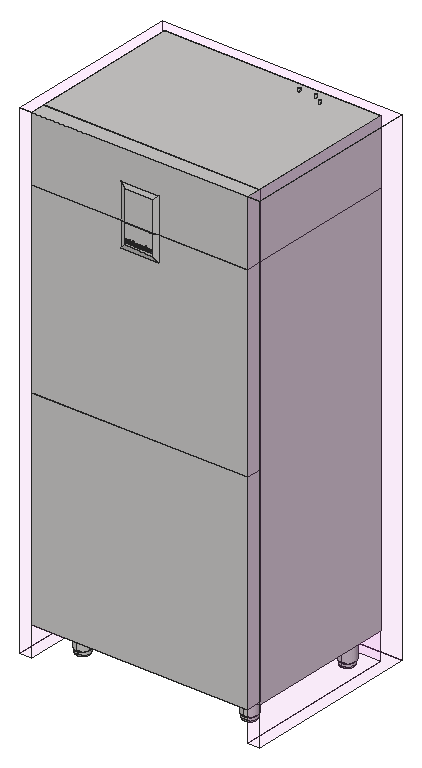
Revit family "QF_ELECTROLUXPROFESSIONAL_691376_PS06RR2FR", category Specialty Equipment, Revit 2018
Family settings
  Round Connector Dimension = Use Diameter
  Part Type = Normal
  Work Plane-Based = No
  Always vertical = Yes
  Cut with Voids When Loaded = No
  Shared = No
  Room Calculation Point = No
Parameters (values of type "Standard")
  Weight = 26.3355 lbm
  Watts = 0 W
  Volts = 220 V
  URL Manufacturer = "http://professional.electrolux.com"
  URL = "http://professional.electrolux.com"
  Steam Supply Size = 0"
  Steam Supply Minimum Pressure = 0.00 psi
  Steam Supply Maximum Pressure = 0.00 psi
  Steam Pounds per Hour = 0
  Show Clearance [instance] = yes
  Refrigeration Suction Line Size = 0.03117"
  Refrigeration Liquid Line Size = 0.01969"
  Refrigerant Compressor Remote = yes
  Phase = 1
  Model = "PS06RR2FR"
  Manufacturer = "Electrolux Professional"
  Length Actual = 900 mm  # constant formula
  Item Number = "691376"
  Hot Water Size = 0"
  Height Actual = 2040 mm  # constant formula
  HP = "0.4 HP"
  Gas Size = 0"
  Gas KW = 0
  Gas Input Pressure = 0.0 Btu/h
  Direct Waste Size = 0"
  Description = "2-DOOR DUAL REFRIGERATOR 720L 0/0°C,PROSTORE-REM"
  Depth Actual = 741 mm  # constant formula
  Cycle = 60 Hz
  Condensate Return Size = 0"
  Compressed Air Volume = 0 GPM
  Compressed Air Size = 0"
  Compressed Air Pressure = 0.00 psi
  Cold Water Size = 0"
  Accessory = yes
Types (2, lengths in mm): name | URL | Phase | Model | Manufacturer | Description
  (no name) | "http://professional.electrolux.com/" | 0 | "RBC201" | "Electrolux" | "BLAST CHILLER 56 KG 20 GN1/1"
  Standard | "http://professional.electrolux.com" | 1 | "PS06RR2FR" | "Electrolux Professional" | "2-DOOR DUAL REFRIGERATOR 720L 0/0°C,PROSTORE-REM"
Values of the unnamed type that differ from the named types
  Volts = 380 V
  URL Manufacturer = "http://professional.electrolux.com/"
  Item Number = "726624"
  Cycle = 50 Hz
Reference planes
  plane 1 "BACK": y = 0
  plane 2: z = 0
  plane 3 "LEFT": x = 0
  plane 4 "RIGHT": x = 900
  plane 5 "FRONT": y = -700
  plane 6 "TOP": z = 2040
  plane 7 "Center Y": x = 450
  plane 8 "Center X": y = -350
  plane 9: x = 102
  plane 10: x = 798
  plane 11: z = 115
  plane 12: z = 86
  plane 13: y = -80
  plane 14: y = -694
  plane 15: y = -1527
  plane 16: y = -630
  plane 17: z = 1770
  plane 18: x = -50
  plane 19: y = 50
  plane 20: x = 950
Forms (mm)
  Extrusion 1, solid, material "QF_Metal - Stainless - Polished"
    sketch origin (0, 0, 0) x (1, 0, 0) y (0, 0, 1)
      loop
        line (0, 2040) -> (0, 1770) -> (900, 1770) -> (900, 2040) -> (0, 2040)
    from 0 to 630
  Extrusion 2, solid, material "QF_Metal - Stainless - Polished"
    sketch origin (0, 0, 0) x (1, 0, 0) y (0, 0, 1)
      loop
        line (0, 1770) -> (0, 115) -> (900, 115) -> (900, 1770) -> (0, 1770)
    from 0 to 630
  Extrusion 3, solid, material "QF_Metal - Stainless - Polished"
    sketch origin (-370, 0, -128) x (1, 0, 0) y (0, 0, 1)
      loop
        circle (450, 1847.083) r 20
    from -7.507 to 0
  Extrusion 4, solid, material "QF_Door-Drawer Clearances", visible <- "Show Clearance", detail levels coarse
    sketch origin (0, 0, 0) x (1, 0, 0) y (0, 1, 0)
      loop
        line (900, -694) -> (0, -694)
        arc (0, -694) -> (275.209, -1299.35) -> (900, -1527) r 859.201
        line (900, -1527) -> (900, -694)
    from 127.536 to 995.399
  Extrusion 5, solid, material "QF_Metal - Stainless - Polished"
    sketch origin (0, 130.478, 0) x (1, 0, 0) y (0, 0, 1)
      loop
        line (0, 2040) -> (0, 1770) -> (900, 1770) -> (900, 2040) -> (0, 2040)
    from 760.478 to 824.478
  Revolve 6, solid, material "QF_Metal - Stainless - Polished"
    sketch origin (798, -2.833, 0) x (0, 1, 0) y (0, 0, -1)
      loop
        line (-590.954, -115) -> (-553.167, -115) -> (-553.167, 0) -> (-578.757, 0)
        arc (-578.757, 0) -> (-580.973, -2.655) -> (-581.767, -6.021) r 7.527
        line (-581.767, -6.021) -> (-581.767, -17.561) -> (-585.28, -21.074) -> (-585.28, -110.008) -> (-590.954, -110.008) -> (-590.954, -115)
      axis (-553.167, 0) -> (-553.167, -115)
    angle from 0 to 360
  Revolve 7, solid, material "QF_Metal - Stainless - Polished"
    sketch origin (102, -2.833, 0) x (0, 1, 0) y (0, 0, 1)
      loop
        line (-590.954, 115) -> (-590.954, 110.008) -> (-585.28, 110.008) -> (-585.28, 21.074) -> (-581.767, 17.561) -> (-581.767, 6.021)
        arc (-581.767, 6.021) -> (-580.973, 2.655) -> (-578.757, 0) r 7.527
        line (-578.757, 0) -> (-553.167, 0) -> (-553.167, 115) -> (-590.954, 115)
      axis (-553.167, 0) -> (-553.167, 115)
    angle from 0 to 360
  Revolve 8, solid, material "QF_Metal - Stainless - Polished"
    sketch origin (824, -759.167, 0) x (0, -1, 0) y (0, 0, 1)
      loop
        line (-716.954, 115) -> (-716.954, 110.008) -> (-711.28, 110.008) -> (-711.28, 21.074) -> (-707.767, 17.561) -> (-707.767, 6.021)
        arc (-707.767, 6.021) -> (-706.973, 2.655) -> (-704.757, 0) r 7.527
        line (-704.757, 0) -> (-679.167, 0) -> (-679.167, 115) -> (-716.954, 115)
      axis (-679.167, 0) -> (-679.167, 115)
    angle from 0 to 360
  Revolve 9, solid, material "QF_Metal - Stainless - Polished"
    sketch origin (76, -759.167, 0) x (0, -1, 0) y (0, 0, 1)
      loop
        line (-716.954, 115) -> (-716.954, 110.008) -> (-711.28, 110.008) -> (-711.28, 21.074) -> (-707.767, 17.561) -> (-707.767, 6.021)
        arc (-707.767, 6.021) -> (-706.973, 2.655) -> (-704.757, 0) r 7.527
        line (-704.757, 0) -> (-679.167, 0) -> (-679.167, 115) -> (-716.954, 115)
      axis (-679.167, 0) -> (-679.167, 115)
    angle from 0 to 360
  Blend 10, solid, material "QF_Metal - Stainless - Polished"
    base sketch origin (0, -694, 0) x (1, 0, 0) y (0, 0, 1)
      loop
        line (370, 1914.822) -> (370, 1664.822) -> (530, 1664.822) -> (530, 1914.822) -> (370, 1914.822)
    top sketch origin (0, -694, 0) x (1, 0, 0) y (0, 0, 1)
      loop
        line (510, 1894.822) -> (390, 1894.822) -> (390, 1684.822) -> (510, 1684.822) -> (510, 1894.822)
    from 0 to 6
  Extrusion 11, void
    sketch origin (0, -700, 0) x (-1, 0, 0) y (0, 0, 1)
      loop
        line (-370, 1770.997) -> (-530, 1770.997) -> (-530, 1769.003) -> (-370, 1769.003) -> (-370, 1770.997)
    from 0 to 6
  Extrusion 12, solid, material "QF_Door-Drawer Clearances"
    sketch origin (0, 0, 0) x (1, 0, 0) y (0, 1, 0)
      loop
        line (0, -694) -> (0, 0) -> (900, 0) -> (900, -694) -> (950, -694) -> (950, 50) -> (-50, 50) -> (-50, -694) -> (0, -694)
    from 0 to 2040
  Extrusion 13, solid, material "QF_Metal - Stainless - Polished"
    sketch origin (0, 140, 0) x (1, 0, 0) y (0, 0, 1)
      loop
        line (0, 1770) -> (0, 995.399) -> (900, 995.399) -> (900, 1770) -> (0, 1770)
    from 834 to 770
  Extrusion 14, solid, material "QF_Metal - Stainless - Polished"
    sketch origin (0, 140, 0) x (1, 0, 0) y (0, 0, 1)
      loop
        line (0, 995.399) -> (0, 127.536) -> (900, 127.536) -> (900, 995.399) -> (0, 995.399)
    from 834 to 770
  Extrusion 15, solid, material "QF_Door-Drawer Clearances", visible <- "Show Clearance", detail levels coarse
    sketch origin (0, 0, 0) x (1, 0, 0) y (0, 1, 0)
      loop
        line (900, -694) -> (0, -694)
        arc (0, -694) -> (275.209, -1299.35) -> (900, -1527) r 859.201
        line (900, -1527) -> (900, -694)
    from 995.399 to 1770
  Extrusion 16, solid, material "QF_Metal - Stainless - Polished"
    sketch origin (267.872, 29.847, 2040) x (1, 0, 0) y (0, 1, 0)
      loop
        circle (425.128, -89.847) r 4
    from 0 to 10
  Extrusion 17, solid, material "QF_Metal - Stainless - Polished"
    sketch origin (233.872, 51.847, 2040) x (1, 0, 0) y (0, 1, 0)
      loop
        circle (425.128, -89.847) r 4
    from 0 to 10
  Extrusion 18, solid, material "QF_Metal - Stainless - Polished"
    sketch origin (163.872, 51.847, 2040) x (1, 0, 0) y (0, 1, 0)
      loop
        circle (425.128, -89.847) r 4
    from 0 to 10
Cuts and joins
  Extrusion 11 cuts Extrusion 1
  Extrusion 11 cuts Extrusion 2
  Extrusion 11 cuts Extrusion 5
  Extrusion 11 cuts Blend 10
Lines and regions (mm)
  Split face 1
    outline origin (0, -700, 0) x (1, 0, 0) y (0, 0, 1)
      loop
        line (415, 1894.822) -> (415, 1742.499) -> (485, 1742.499) -> (485, 1894.822)
  symbolic lines
    curve 1: line (0, 0, 0) -> (900, 0, 0)
    curve 2: line (0, -694, 0) -> (0, 0, 0)
    curve 3: line (900, -694, 0) -> (0, -694, 0)
    curve 4: line (900, 0, 0) -> (900, -694, 0)
    curve 5: line (0, -630, 0) -> (900, -630, 0)
    curve 6: line (370, -694, 0) -> (390, -700, 0)
    curve 7: line (390, -700, 0) -> (510, -700, 0)
    curve 8: line (510, -700, 0) -> (530, -694, 0)
  symbolic lines, style "QF_Door-Drawer Clearances"
    curve 9: arc (0, -694, 0) -> (275.209, -1299.35, 0) -> (900, -1527, 0) r 859.201
    curve 10: line (900, -1527, 0) -> (900, -694, 0)
    curve 11: line (0, -694, 0) -> (-50, -694, 0)
    curve 12: line (-50, -694, 0) -> (-50, 50, 0)
    curve 13: line (-50, 50, 0) -> (950, 50, 0)
    curve 14: line (950, 50, 0) -> (950, -694, 0)
    curve 15: line (950, -694, 0) -> (900, -694, 0)
Dimensions and locks
  equal spacing: plane 3 "LEFT", plane 7 "Center Y", plane 4 "RIGHT"
  plane 3 "LEFT" to plane 4 "RIGHT" = 900 mm
  equal spacing: plane 5 "FRONT", plane 8 "Center X", plane 1 "BACK"
  plane 5 "FRONT" to plane 1 "BACK" = 700 mm
  plane 6 "TOP" to level = 2040 mm
  plane 9 to plane 3 "LEFT" = 102 mm
  plane 10 to plane 4 "RIGHT" = 102 mm
  plane 10 to plane 9 = 696 mm
  plane 11 to level = 115 mm
  plane 12 to plane 11 = 29 mm
  plane 1 "BACK" to plane 13 = 80 mm
  plane 15 to plane 1 "BACK" = 1527 mm
  plane 3 "LEFT" to Extrusion 4 = 900 mm
  plane 11 to plane 2 = 115 mm
  plane 1 "BACK" to plane 16 = 630 mm
  plane 18 to plane 3 "LEFT" = 50 mm
  plane 4 "RIGHT" to plane 20 = 50 mm
  plane 1 "BACK" to plane 19 = 50 mm
  aligned and locked: level to plane 2
  aligned and locked: Extrusion 5 to plane 4 "RIGHT"
  aligned and locked: Extrusion 5 to plane 3 "LEFT"
  aligned and locked: plane 5 "FRONT" to Blend 10
Automatic sketch dimensions
  curve 13 to plane 18 = 0 mm
  curve 3 to plane 3 "LEFT" = 0 mm
  plane 14 to curve 6 = 0 mm
  plane 5 "FRONT" to curve 7 = 0 mm
  curve 9 to plane 4 "RIGHT" = 0 mm
  curve 5 to plane 4 "RIGHT" = 0 mm
  curve 14 to plane 20 = 0 mm
  curve 10 to plane 15 = 0 mm
  curve 5 to plane 16 = 0 mm
  plane 1 "BACK" to curve 4 = 0 mm
  curve 13 to plane 19 = 0 mm
  curve 7 to plane 7 "Center Y" = 60 mm
  plane 7 "Center Y" to curve 8 = 60 mm
  curve 9 to plane 14 = 25.214 mm
  curve 6 to curve 6 = 20 mm
  curve 7 to curve 8 = 20 mm
  Extrusion 1 sketch curve to plane 3 "LEFT" = 0 mm
  plane 4 "RIGHT" to Extrusion 1 sketch curve = 0 mm
  Extrusion 1 sketch curve to plane 17 = 0 mm
  Extrusion 1 sketch curve to plane 6 "TOP" = 0 mm
  Extrusion 2 sketch curve to plane 3 "LEFT" = 0 mm
  plane 4 "RIGHT" to Extrusion 2 sketch curve = 0 mm
  Extrusion 2 sketch curve to plane 11 = 0 mm
  Extrusion 2 sketch curve to plane 17 = 0 mm
  Extrusion 3 sketch curve to plane 9 = 22 mm
  Extrusion 3 sketch curve to plane 17 = 50.917 mm
  Extrusion 4 sketch curve to plane 3 "LEFT" = 0 mm
  Extrusion 4 sketch curve to plane 4 "RIGHT" = 0 mm
  Extrusion 4 sketch curve to plane 15 = 0 mm
  plane 14 to Extrusion 4 sketch curve = 0 mm
  Extrusion 4 sketch curve to plane 14 = 25.214 mm
  Extrusion 5 sketch curve to plane 3 "LEFT" = 0 mm
  plane 4 "RIGHT" to Extrusion 5 sketch curve = 0 mm
  Extrusion 5 sketch curve to plane 17 = 0 mm
  Extrusion 5 sketch curve to plane 6 "TOP" = 0 mm
  plane 11 to Revolve 6 sketch curve = 0 mm
  Revolve 6 sketch curve to level = 0 mm
  plane 16 to Revolve 6 sketch curve = 36.213 mm
  Revolve 6 sketch curve to Revolve 6 sketch curve = 5.674 mm
  Revolve 6 sketch curve to Revolve 6 sketch curve = 3.513 mm  (x2)
  Revolve 6 sketch curve to Revolve 6 sketch curve = 3.01 mm
  level to Revolve 6 sketch curve = 6.021 mm
  Revolve 6 sketch curve to Revolve 6 sketch curve = 21.073 mm
  Revolve 6 sketch curve to plane 11 = 4.992 mm  (x2)
  Revolve 6 sketch curve to Revolve 6 sketch curve = 15.053 mm
  Revolve 6 sketch curve to Revolve 6 sketch curve = 0 mm
  Revolve 6 sketch curve to Revolve 6 sketch curve = 20.008 mm
  Revolve 7 sketch curve to plane 11 = 0 mm
  Revolve 7 sketch curve to level = 0 mm
  plane 16 to Revolve 7 sketch curve = 36.213 mm
  Revolve 7 sketch curve to Revolve 7 sketch curve = 5.674 mm
  Revolve 7 sketch curve to Revolve 7 sketch curve = 3.513 mm  (x2)
  Revolve 7 sketch curve to Revolve 7 sketch curve = 3.01 mm
  level to Revolve 7 sketch curve = 6.021 mm
  Revolve 7 sketch curve to Revolve 7 sketch curve = 21.073 mm
  Revolve 7 sketch curve to Revolve 7 sketch curve = 11.54 mm
  Revolve 7 sketch curve to plane 11 = 4.992 mm
  Revolve 7 sketch curve to Revolve 7 sketch curve = 0 mm
  Revolve 7 sketch curve to Revolve 7 sketch curve = 4.992 mm
  plane 11 to Revolve 7 sketch curve = 20.008 mm
  Revolve 8 sketch curve to plane 11 = 0 mm
  Revolve 8 sketch curve to level = 0 mm
  Revolve 8 sketch curve to plane 13 = 0 mm  (x2)
  level to Revolve 8 sketch curve = 6.021 mm
  Revolve 8 sketch curve to plane 13 = 21.073 mm
  Revolve 8 sketch curve to Revolve 8 sketch curve = 4.517 mm
  Revolve 8 sketch curve to Revolve 8 sketch curve = 3.513 mm  (x2)
  Revolve 8 sketch curve to Revolve 8 sketch curve = 5.674 mm
  Revolve 8 sketch curve to Revolve 8 sketch curve = 11.54 mm
  Revolve 8 sketch curve to plane 11 = 4.992 mm
  Revolve 8 sketch curve to Revolve 8 sketch curve = 4.992 mm
  plane 11 to Revolve 8 sketch curve = 20.008 mm
  Revolve 9 sketch curve to plane 11 = 0 mm
  Revolve 9 sketch curve to level = 0 mm
  Revolve 9 sketch curve to plane 13 = 0 mm  (x2)
  Revolve 9 sketch curve to level = 6.021 mm
  plane 13 to Revolve 9 sketch curve = 21.073 mm
  Revolve 9 sketch curve to Revolve 9 sketch curve = 4.517 mm
  Revolve 9 sketch curve to Revolve 9 sketch curve = 3.513 mm  (x2)
  Revolve 9 sketch curve to Revolve 9 sketch curve = 5.674 mm
  Revolve 9 sketch curve to Revolve 9 sketch curve = 11.54 mm
  plane 11 to Revolve 9 sketch curve = 4.992 mm  (x2)
  Revolve 9 sketch curve to Revolve 9 sketch curve = 20.008 mm
  Blend 10 sketch curve to plane 7 "Center Y" = 80 mm
  plane 7 "Center Y" to Blend 10 sketch curve = 80 mm
  Blend 10 sketch curve to plane 17 = 105.178 mm
  Blend 10 sketch curve to plane 6 "TOP" = 125.178 mm
  Blend 10 sketch curve to plane 7 "Center Y" = 60 mm
  plane 7 "Center Y" to Blend 10 sketch curve = 60 mm
  Blend 10 sketch curve to plane 17 = 85.178 mm
  plane 17 to Blend 10 sketch curve = 124.822 mm
  Split face 1 sketch curve to Blend 10 = 0 mm  (x2)
  Split face 1 sketch curve to Blend 10 = 25 mm  (x2)
  Split face 1 sketch curve to Blend 10 = 57.677 mm
  Extrusion 11 sketch curve to Blend 10 = 20 mm  (x2)
  Blend 10 to Extrusion 11 sketch curve = 84.181 mm
  Extrusion 11 sketch curve to Extrusion 11 sketch curve = 1.995 mm
  plane 14 to Extrusion 12 sketch curve = 0 mm  (x2)
  Extrusion 12 sketch curve to plane 18 = 0 mm
  Extrusion 12 sketch curve to plane 3 "LEFT" = 0 mm
  Extrusion 12 sketch curve to plane 4 "RIGHT" = 0 mm
  Extrusion 12 sketch curve to plane 19 = 0 mm
  Extrusion 12 sketch curve to plane 20 = 0 mm
  plane 1 "BACK" to Extrusion 12 sketch curve = 0 mm
  Extrusion 13 sketch curve to plane 3 "LEFT" = 0 mm
  plane 4 "RIGHT" to Extrusion 13 sketch curve = 0 mm
  Extrusion 13 sketch curve to plane 17 = 0 mm
  Extrusion 13 sketch curve to Extrusion 13 sketch curve = 774.601 mm
  Extrusion 14 sketch curve to plane 3 "LEFT" = 0 mm
  plane 4 "RIGHT" to Extrusion 14 sketch curve = 0 mm
  plane 11 to Extrusion 14 sketch curve = 12.536 mm
  Extrusion 14 sketch curve to plane 17 = 774.601 mm
  Extrusion 15 sketch curve to plane 3 "LEFT" = 0 mm
  Extrusion 15 sketch curve to plane 4 "RIGHT" = 0 mm
  Extrusion 15 sketch curve to plane 15 = 0 mm
  plane 14 to Extrusion 15 sketch curve = 0 mm
  Extrusion 15 sketch curve to plane 14 = 25.214 mm
  Extrusion 16 sketch curve to plane 13 = 20 mm
  plane 10 to Extrusion 16 sketch curve = 105 mm
  plane 1 "BACK" to Extrusion 17 sketch curve = 38 mm
  plane 10 to Extrusion 17 sketch curve = 139 mm
  plane 1 "BACK" to Extrusion 18 sketch curve = 38 mm
  plane 7 "Center Y" to Extrusion 18 sketch curve = 139 mm
  radius of Extrusion 3 sketch curve = 20 mm
  radius of Extrusion 16 sketch curve = 4 mm
  radius of Extrusion 17 sketch curve = 4 mm
  radius of Extrusion 18 sketch curve = 4 mm
Nested families
  nested 1: "ELX_Logo_S" at (450.625, -700, 1704.375) x (1, 0, 0) z (0, -1, 0), type "ELX_Logo_S"
Connectors
  electrical at (80, 7.507, 1719.083), driven by "Volts"
    settings: on Extrusion 3, index 2, voltage 220 V, apparent load 0 VA, apparent load phase1 0 VA, apparent load phase2 0 VA, apparent load phase3 0 VA, power factor 1, load classification "Other", number of poles 1, system type 30, power factor state 1, is connector primary yes, connector utility no, sub classification motor no, connector description "Electrical Connection"
  piping at (693, -60, 2050), diameter 9.5
    settings: on Extrusion 16, index 7, connector inside diameter 24", connector length 0 mm, flow factor 0, pipe flow 0 GPM, pressure drop 0.00 psi, fitting loss kfactor 0, connector angle 0.00°, fixture units 0, engagement length 0 mm, angle of deflection 0.00°, flow configuration 0, flow direction 0, fitting loss method 0, system type 22, joint type 0, gender type 0, connector reference index -1, connector utility 0, adjustable connector no, is connector primary yes, connector description "Refrigerant Outlet"
  piping at (659, -38, 2050), diameter 6
    settings: on Extrusion 17, index 8, connector inside diameter 24", connector length 0 mm, flow factor 0, pipe flow 0 GPM, pressure drop 0.00 psi, fitting loss kfactor 0, connector angle 0.00°, fixture units 0, engagement length 0 mm, angle of deflection 0.00°, flow configuration 0, flow direction 0, fitting loss method 0, system type 22, joint type 0, gender type 0, connector reference index -1, connector utility 0, adjustable connector no, is connector primary no, connector description "Refrigerant Inlet"
  piping at (589, -38, 2050), diameter 6
    settings: on Extrusion 18, index 9, connector inside diameter 24", connector length 0 mm, flow factor 0, pipe flow 0 GPM, pressure drop 0.00 psi, fitting loss kfactor 0, connector angle 0.00°, fixture units 0, engagement length 0 mm, angle of deflection 0.00°, flow configuration 0, flow direction 0, fitting loss method 0, system type 22, joint type 0, gender type 0, connector reference index -1, connector utility 0, adjustable connector no, is connector primary no, connector description "Refrigerant Inlet"
Definition of nested family "ELX_Logo_S"
  Parameters (values of type "ELX_Logo_S")
    Default Elevation = 0 mm
  Reference planes
    plane 1 "Centro (Fronte/Retro)": y = 0
    plane 2: z = 0
    plane 3 "Centro (Sinistra/Destra)": x = 0
  Forms (mm)
    Extrusion 1, solid
      sketch origin (0, 0, 0) x (1, 0, 0) y (0, 1, 0)
        loop
          line (-1219.2, 1219.2) -> (-1219.2, -1219.2) -> (1219.2, -1219.2) -> (1219.2, 1219.2) -> (-1219.2, 1219.2)
      from 0 to -304.8
    Extrusion 2, solid
      sketch origin (0, 0, 0) x (1, 0, 0) y (0, 1, 0)
        loop
          line (-43.793, 5.912) -> (-43.793, -6.455)
          arc (-43.793, -6.455) -> (-39.222, -0.272) -> (-43.793, 5.912) r 6.467
        loop
          arc (-44.422, 5.912) -> (-49.565, 4.743) -> (-52.043, 0.087) r 6.338
          line (-52.043, 0.087) -> (-49.997, 0.087)
          arc (-49.997, 0.087) -> (-46.342, 1.57) -> (-44.422, 5.016) r 5.941
          line (-44.422, 5.016) -> (-44.422, 5.912)
        loop
          arc (-44.422, -5.559) -> (-46.342, -2.114) -> (-49.997, -0.63) r 5.941
          line (-49.997, -0.63) -> (-52.043, -0.63)
          arc (-52.043, -0.63) -> (-49.569, -5.324) -> (-44.422, -6.614) r 6.504
          line (-44.422, -6.614) -> (-44.422, -5.559)
        loop
          line (-52.512, 6.586) -> (-52.512, -7.158) -> (-38.749, -7.158) -> (-38.749, 6.586) -> (-52.512, 6.586)
        loop
          arc (-35.782, 6.67) -> (-36.139, 6.322) -> (-35.801, 5.955) r 0.358
          arc (-35.801, 5.955) -> (-35.051, 5.641) -> (-34.666, 4.924) r 1.216
          line (-34.666, 4.924) -> (-34.666, -5.488)
          arc (-34.666, -5.488) -> (-34.944, -6.148) -> (-35.54, -6.544) r 1.238
          arc (-35.54, -6.544) -> (-35.791, -6.939) -> (-35.437, -7.244) r 0.358
          line (-35.437, -7.244) -> (-25.558, -7.244) -> (-25.558, -4.494) -> (-26.455, -4.494)
          arc (-26.455, -4.494) -> (-27.035, -5.403) -> (-28.012, -5.858) r 1.928
          line (-28.012, -5.858) -> (-30.511, -5.858)
          arc (-30.511, -5.858) -> (-31.24, -5.583) -> (-31.604, -4.894) r 1.101
          line (-31.604, -4.894) -> (-31.604, -0.808) -> (-27.931, -0.808)
          arc (-27.931, -0.808) -> (-27.434, -1.16) -> (-27.206, -1.725) r 1.083
          arc (-27.206, -1.725) -> (-26.9, -1.989) -> (-26.622, -1.697) r 0.292
          line (-26.622, -1.697) -> (-26.622, 1.265)
          arc (-26.622, 1.265) -> (-26.895, 1.568) -> (-27.225, 1.329) r 0.305
          arc (-27.225, 1.329) -> (-27.473, 0.839) -> (-27.931, 0.534) r 1.083
          line (-27.931, 0.534) -> (-31.604, 0.534) -> (-31.604, 5.211) -> (-27.857, 5.211)
          arc (-27.857, 5.211) -> (-27.101, 4.997) -> (-26.603, 4.39) r 1.314
          arc (-26.603, 4.39) -> (-26.199, 4.171) -> (-25.907, 4.526) r 0.361
          line (-25.907, 4.526) -> (-25.907, 6.67) -> (-35.782, 6.67)
        loop
          arc (-25.126, 5.953) -> (-24.207, 5.572) -> (-23.827, 4.654) r 1.299
          line (-23.827, 4.654) -> (-23.827, -4.925)
          arc (-23.827, -4.925) -> (-24.205, -5.763) -> (-25.083, -6.035) r 1.118
          line (-25.083, -6.035) -> (-25.083, -7.244) -> (-19.733, -7.244) -> (-19.733, -6.056)
          arc (-19.733, -6.056) -> (-20.65, -5.784) -> (-21.046, -4.914) r 1.153
          line (-21.046, -4.914) -> (-21.046, 7.158) -> (-25.126, 5.953)
        loop
          line (-17.097, -2.28) -> (-10.65, -2.28) -> (-10.65, -1.481)
          arc (-10.65, -1.481) -> (-11.634, 1.1) -> (-14.088, 2.369) r 3.874
          line (-14.088, 2.369) -> (-15.848, 2.369)
          arc (-15.848, 2.369) -> (-18.713, 1.182) -> (-19.899, -1.682) r 4.051
          line (-19.899, -1.682) -> (-19.899, -3.691)
          arc (-19.899, -3.691) -> (-18.414, -6.509) -> (-15.407, -7.561) r 4.352
          arc (-15.407, -7.561) -> (-12.944, -7.196) -> (-10.87, -5.819) r 5.713
          line (-10.87, -5.819) -> (-10.87, -4.87)
          arc (-10.87, -4.87) -> (-12.439, -5.603) -> (-14.157, -5.819) r 5.579
          arc (-14.157, -5.819) -> (-16.12, -5.025) -> (-17.097, -3.146) r 3.057
          line (-17.097, -3.146) -> (-17.097, -2.28)
        loop
          line (-17.097, -1.02) -> (-13.515, -1.02)
          arc (-13.515, -1.02) -> (-13.468, 0.436) -> (-14.627, 1.319) r 1.59
          line (-14.627, 1.319) -> (-15.457, 1.319)
          arc (-15.457, 1.319) -> (-16.712, 0.455) -> (-17.097, -1.02) r 2.184
        loop
          arc (-1.232, 1.771) -> (-2.906, 2.259) -> (-4.643, 2.417) r 9.023
          line (-4.643, 2.417) -> (-6.005, 2.417)
          arc (-6.005, 2.417) -> (-8.805, 1.257) -> (-9.965, -1.542) r 3.959
          line (-9.965, -1.542) -> (-9.965, -4.142)
          arc (-9.965, -4.142) -> (-8.672, -6.424) -> (-6.299, -7.541) r 4.331
          line (-6.299, -7.541) -> (-4.164, -7.541)
          arc (-4.164, -7.541) -> (-2.614, -7.033) -> (-1.268, -6.112) r 5.772
          arc (-1.268, -6.112) -> (-1.217, -5.35) -> (-1.976, -5.263) r 0.553
          arc (-1.976, -5.263) -> (-2.71, -5.651) -> (-3.529, -5.785) r 2.573
          line (-3.529, -5.785) -> (-5.044, -5.785)
          arc (-5.044, -5.785) -> (-6.686, -4.779) -> (-7.328, -2.965) r 2.884
          line (-7.328, -2.965) -> (-7.328, -1.686)
          arc (-7.328, -1.686) -> (-6.768, 0.135) -> (-5.103, 1.062) r 2.554
          line (-5.103, 1.062) -> (-4.05, 1.062)
          arc (-4.05, 1.062) -> (-3.122, 0.73) -> (-2.387, 0.073) r 2.564
          arc (-2.387, 0.073) -> (-1.67, -0.148) -> (-1.232, 0.461) r 0.643
          line (-1.232, 0.461) -> (-1.232, 1.771)
        loop
          line (-0.962, 0.752) -> (0.539, 0.752) -> (0.539, -5.296)
          arc (0.539, -5.296) -> (1.197, -6.884) -> (2.785, -7.541) r 2.246
          line (2.785, -7.541) -> (4.369, -7.541)
          arc (4.369, -7.541) -> (5.233, -7.228) -> (6.005, -6.727) r 4.06
          arc (6.005, -6.727) -> (6.138, -5.995) -> (5.437, -5.743) r 0.576
          arc (5.437, -5.743) -> (4.911, -5.849) -> (4.379, -5.785) r 1.69
          arc (4.379, -5.785) -> (3.591, -5.244) -> (3.288, -4.337) r 1.506
          line (3.288, -4.337) -> (3.288, 0.801) -> (5.685, 0.801) -> (6.241, 1.357) -> (6.241, 2.179) -> (3.382, 2.179) -> (3.382, 5.41) -> (-0.962, 0.752)
        loop
          line (7.139, -7.324) -> (12.526, -7.324) -> (12.526, -6.214)
          arc (12.526, -6.214) -> (11.575, -5.82) -> (11.181, -4.869) r 1.345
          line (11.181, -4.869) -> (11.181, -1.253)
          arc (11.181, -1.253) -> (11.773, -0.488) -> (12.695, -0.199) r 1.615
          line (12.695, -0.199) -> (14.251, -0.199) -> (14.936, 2.357) -> (13.553, 2.357) -> (10.994, 0.414) -> (10.994, 2.295) -> (8.288, 2.01)
          arc (8.288, 2.01) -> (7.758, 1.571) -> (7.959, 0.912) r 0.621
          arc (7.959, 0.912) -> (8.301, 0.512) -> (8.484, 0.018) r 1.501
          line (8.484, 0.018) -> (8.484, -4.869)
          arc (8.484, -4.869) -> (8.09, -5.82) -> (7.139, -6.214) r 1.345
          line (7.139, -6.214) -> (7.139, -7.324)
        loop
          line (14.473, -1.222) -> (14.473, -3.914)
          arc (14.473, -3.914) -> (15.781, -6.36) -> (18.311, -7.494) r 4.288
          arc (18.311, -7.494) -> (19.692, -7.557) -> (21.072, -7.494) r 15.022
          arc (21.072, -7.494) -> (23.603, -6.36) -> (24.91, -3.914) r 4.288
          line (24.91, -3.914) -> (24.91, -1.222)
          arc (24.91, -1.222) -> (23.603, 1.223) -> (21.072, 2.357) r 4.288
          arc (21.072, 2.357) -> (19.692, 2.421) -> (18.311, 2.357) r 15.022
          arc (18.311, 2.357) -> (15.781, 1.223) -> (14.473, -1.222) r 4.288
        loop
          line (17.587, -1.017) -> (17.587, -4.119)
          arc (17.587, -4.119) -> (19.744, -6.276) -> (21.901, -4.119) r 2.157
          line (21.901, -4.119) -> (21.901, -1.017)
          arc (21.901, -1.017) -> (19.744, 1.14) -> (17.587, -1.017) r 2.157
        loop
          arc (24.768, 5.964) -> (25.662, 5.593) -> (26.033, 4.699) r 1.264
          line (26.033, 4.699) -> (26.033, -5.165)
          arc (26.033, -5.165) -> (25.636, -6.035) -> (24.72, -6.307) r 1.153
          line (24.72, -6.307) -> (24.72, -7.244) -> (29.828, -7.244) -> (29.828, -6.316)
          arc (29.828, -6.316) -> (29.056, -5.957) -> (28.741, -5.165) r 1.153
          line (28.741, -5.165) -> (28.741, 7.158) -> (24.768, 5.964)
        loop
          arc (29.365, 1.084) -> (30.43, 0.885) -> (30.912, -0.085) r 1.215
          line (30.912, -0.085) -> (30.912, -5.105)
          arc (30.912, -5.105) -> (31.559, -6.719) -> (33.142, -7.44) r 2.338
          line (33.142, -7.44) -> (34.657, -7.44)
          arc (34.657, -7.44) -> (35.661, -7.266) -> (36.547, -6.763) r 2.979
          line (36.547, -6.763) -> (38.344, -7.244) -> (40.032, -7.244) -> (40.032, 2.181) -> (35.829, 1.887) -> (35.829, 1.101)
          arc (35.829, 1.101) -> (36.665, 0.745) -> (37.174, -0.007) r 1.605
          line (37.174, -0.007) -> (37.174, -5.11)
          arc (37.174, -5.11) -> (36.237, -5.531) -> (35.213, -5.603) r 2.94
          arc (35.213, -5.603) -> (34.112, -5.042) -> (33.669, -3.889) r 1.724
          line (33.669, -3.889) -> (33.669, 2.307) -> (29.365, 1.084)
        loop
          line (40.886, 2.112) -> (42.932, 0.44) -> (45.238, -2.734) -> (42.126, -6.191)
          arc (42.126, -6.191) -> (41.732, -6.428) -> (41.273, -6.405) r 0.789
          line (41.273, -6.405) -> (41.273, -7.244) -> (44.818, -7.244) -> (44.818, -6.418)
          arc (44.818, -6.418) -> (44.456, -6.076) -> (44.548, -5.586) r 0.52
          line (44.548, -5.586) -> (46.019, -3.786) -> (47.394, -5.904)
          arc (47.394, -5.904) -> (47.084, -6.305) -> (46.585, -6.392) r 0.7
          line (46.585, -6.392) -> (46.585, -7.244) -> (52.512, -7.244) -> (52.512, -6.358)
          arc (52.512, -6.358) -> (51.853, -6.291) -> (51.322, -5.896) r 1.247
          line (51.322, -5.896) -> (48.041, -1.696) -> (50.094, 0.751) -> (51.836, 2.112) -> (48.112, 2.112) -> (48.535, 0.627) -> (47.258, -0.895) -> (46.068, 0.806) -> (46.844, 2.112) -> (40.886, 2.112)
      from 0 to 1.644
  Dimensions and locks
    aligned and locked: plane 2 to Extrusion 1
    aligned and locked: level to Extrusion 1
